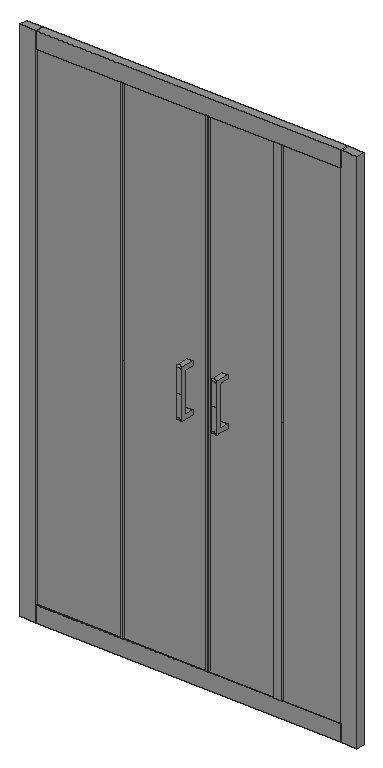
Revit family "MAMPARA CORREDERA CENTRAL STYLE 1300X1980", category Generic Models, Revit 2019
Family settings
  Can host rebar = No
  Round Connector Dimension = Use Diameter
  Part Type = Normal
  Work Plane-Based = No
  Always vertical = Yes
  Cut with Voids When Loaded = No
  Shared = No
  Room Calculation Point = No
Reference planes
  plane 1 "Center (Front/Back)": y = 0
  plane 2: z = 0
  plane 3 "Center (Left/Right)": x = 0
Forms (mm)
  Extrusion 1, solid
    sketch origin (0, 0, 0) x (1, 0, 0) y (0, 0, 1)
      loop
        line (0, 0) -> (60, 0) -> (60, 1980) -> (0, 1980) -> (0, 0)
      loop
        line (1260, 1980) -> (1200, 1980) -> (1200, 0) -> (1260, 0) -> (1260, 1980)
    from 0 to 30
  Extrusion 2, solid
    sketch origin (0, 0, 0) x (1, 0, 0) y (0, 0, 1)
      loop
        line (60, 1980) -> (60, 1920) -> (1200, 1920) -> (1200, 1980) -> (60, 1980)
      loop
        line (60, 0) -> (1200, 0) -> (1200, 60) -> (60, 60) -> (60, 0)
    from 0 to 30
  Extrusion 3, solid
    sketch origin (0, 0, 0) x (1, 0, 0) y (0, 0, 1)
      loop
        line (700, 60) -> (700, 1920) -> (695, 1920) -> (695, 60) -> (700, 60)
      loop
        line (949.708, 60) -> (978.214, 60) -> (978.214, 990) -> (978.214, 1920) -> (949.708, 1920) -> (949.708, 990) -> (949.708, 60)
      loop
        line (375, 990) -> (375, 60) -> (385, 60) -> (385, 990) -> (385, 1920) -> (375, 1920) -> (375, 990)
    from 0 to 30
  Extrusion 4, solid
    sketch origin (0, 0, 0) x (1, 0, 0) y (0, 0, 1)
      loop
        line (700, 1920) -> (700, 60) -> (705, 60) -> (705, 1920) -> (700, 1920)
    from 0 to 30
  Extrusion 5, solid
    sketch origin (0, 0, 0) x (1, 0, 0) y (0, 0, 1)
      loop
        line (60, 1920) -> (60, 60) -> (1200, 60) -> (1200, 1920) -> (60, 1920)
    from 4.16 to 26.263
  Extrusion 6, solid
    sketch origin (0, 0, 0) x (0, 1, 0) y (0, 0, 1)
      loop
        line (-65, 990) -> (-65, 1060)
        arc (-65, 1060) -> (-63.536, 1063.536) -> (-60, 1065) r 5
        line (-60, 1065) -> (-30, 1065) -> (-30, 1080) -> (-75, 1080)
        arc (-75, 1080) -> (-78.536, 1078.536) -> (-80, 1075) r 5
        line (-80, 1075) -> (-80, 990) -> (-80, 905)
        arc (-80, 905) -> (-78.536, 901.464) -> (-75, 900) r 5
        line (-75, 900) -> (-30, 900) -> (-30, 915) -> (-60, 915)
        arc (-60, 915) -> (-63.536, 916.464) -> (-65, 920) r 5
        line (-65, 920) -> (-65, 990)
    from 625 to 645
  Extrusion 7, solid
    sketch origin (0, 0, 0) x (0, 1, 0) y (0, 0, 1)
      loop
        line (-65, 990) -> (-65, 1060)
        arc (-65, 1060) -> (-63.536, 1063.536) -> (-60, 1065) r 5
        line (-60, 1065) -> (-30, 1065) -> (-30, 1080) -> (-75, 1080)
        arc (-75, 1080) -> (-78.536, 1078.536) -> (-80, 1075) r 5
        line (-80, 1075) -> (-80, 990) -> (-80, 905)
        arc (-80, 905) -> (-78.536, 901.464) -> (-75, 900) r 5
        line (-75, 900) -> (-30, 900) -> (-30, 915) -> (-60, 915)
        arc (-60, 915) -> (-63.536, 916.464) -> (-65, 920) r 5
        line (-65, 920) -> (-65, 990)
    from 755 to 775
Dimensions and locks
  aligned and locked: level to plane 2
